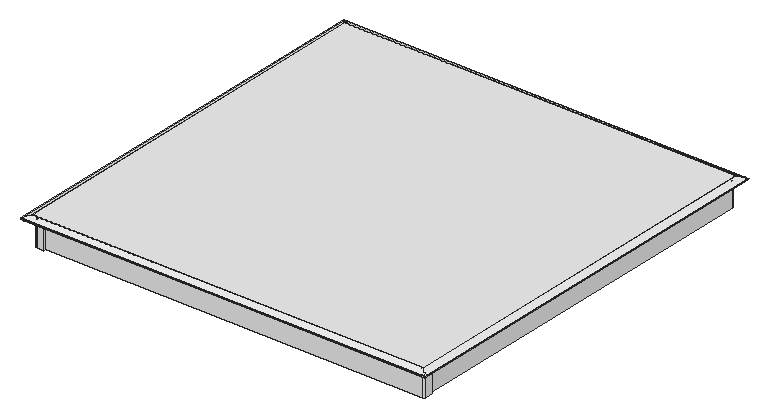
Revit family "Access_Door-Hidden_Flange-Best Access Doors-All_Surface_Types-BA-UHF", category Specialty Equipment, host Face, Revit 2017
Family settings
  Host = Face
  Round Connector Dimension = Use Diameter
  Part Type = Normal
  OmniClass Number = 23.30.10.27.17
  Cut with Voids When Loaded = No
  Shared = No
  Room Calculation Point = No
Parameters (values of type "Not a Type - Load Type Catalog")
  URL = "https://www.bestaccessdoors.com/"
  Product data url = "https://bimobject.com/best-access-doors/product/aesthetic-access-door-with-hidden-flange-drywall"
  Product Page URL = ""
  Product Documentation Link = ""
  Panel Swing [instance] = if(Door Open, 90.00°, 0.00°)  # 0.00°
  Neoprene Gasket Material = Neoprene - Best Access Doors -  Gasket
  Neoprene Gasket = no
  Model = "BA-UHF"  # constant formula
  Max Area = 6.25 SF  # constant formula
  Material = ""
  Manufacturer = "Best Access Doors"  # constant formula
  Frame Depth = 1 59/128"  # constant formula
  Finish = Metal - Best Access Doors - Powder Coated White
  Door Width Calc = if(Door Width < 8 1/4", 8 1/4", if(Door Width > Max Area / Door Height Calc, Max Area / Door Height Calc, Door Width))  # 24"
  Door Width = 24"
  Door Open [instance] = no
  Door Height Calc = if(Door Height < 8 1/4", 8 1/4", Door Height)  # 24"
  Door Height = 24"
  Description = "Aesthetic access door with hidden flange for all surface types"  # constant formula
  Default Elevation = 0"
  Cut Out Length [instance] = 2"
  Construction Material = Metal - Best Access Doors - Aluminum
  C Cut Out Length [instance] = if(Cut Out Length < Frame Depth, Frame Depth, Cut Out Length)  # 2"
  Available Options = ""
  Assembly Code = "C1020700"
  Actual Width = Door Width Calc  # 24"
  Actual Height = Door Height Calc  # 24"
  Actual Area = Door Width Calc * Door Height Calc  # 4.00 SF
Reference planes (in)
  plane 1 "Center (Front/Back)": y = 0
  plane 2 "Back": z = 0
  plane 3 "Center (Left/Right)": x = 0
  plane 4 "Left": x = -12
  plane 5 "Right": x = 12
  plane 6 "Top": y = 12
  plane 7 "Bottom": y = -12
  plane 8: z = 11.8125
  plane 9: z = -2
  plane 10: z = -1.46094
  plane 11: x = 11.42187
  plane 12: x = -11.42187
  plane 13: y = -11.42187
  plane 14: y = 11.42187
Forms (in)
  Extrusion 1, void
    sketch origin (0, 0, 0) x (1, 0, 0) y (0, 1, 0)
      loop
        line (-11.42187, 11.42187) -> (-11.42187, -11.42187) -> (11.42187, -11.42187) -> (11.42187, 11.42187) -> (-11.42187, 11.42187)
    from -2 to 0
Lines and regions (in)
  reference lines
    curve 1: line (-12, 0, 0) -> (1.75, 0, 0)
    curve 2: line (-12, 0, 0) -> (-12, 0, -2.5)
Dimensions and locks (in)
  "C Cut Out Length": plane 2 "Back" to plane 9
  "Frame Depth": level to plane 10
  equal spacing: plane 4 "Left", plane 3 "Center (Left/Right)", plane 5 "Right"
  equal spacing: plane 6 "Top", plane 1 "Center (Front/Back)", plane 7 "Bottom"
  "Door Width Calc": plane 4 "Left" to plane 5 "Right"
  "Door Height Calc": plane 6 "Top" to plane 7 "Bottom"
  locked: plane 6 "Top" to plane 14 at 0.57813
  locked: plane 4 "Left" to plane 12 at 0.57813
  locked: plane 11 to plane 5 "Right" at 0.57813
  locked: plane 7 "Bottom" to plane 13 at 0.57813
  "Panel Swing": angle level to curve 1
  locked: curve 2 to curve 1 (angle 90.00°)
  aligned and locked: plane 2 "Back" to host face
  aligned and locked: level to host face
  aligned and locked: plane 2 "Back" to Extrusion 1
  aligned and locked: Extrusion 1 to plane 9
  aligned and locked: plane 1 "Center (Front/Back)" to nested 1
  aligned and locked: plane 3 "Center (Left/Right)" to nested 1
  aligned and locked: curve 1 to nested 2
  aligned and locked: plane 1 "Center (Front/Back)" to nested 2
  aligned and locked: nested 2 to curve 2
  aligned and locked: Extrusion 1 sketch curve to plane 13
  aligned and locked: Extrusion 1 sketch curve to plane 12
  aligned and locked: Extrusion 1 sketch curve to plane 14
  aligned and locked: Extrusion 1 sketch curve to plane 11
Automatic sketch dimensions
  host sketch curve to host sketch curve = 96"  (x2)
  curve 2 to plane 4 "Left" = 0"
  curve 2 to level = 0"
Nested families (in)
  nested 1: "Frame" at (0, 0, 0), type "Frame"
    with Panel Width 22 27/32", Panel Height 22 27/32", Frame Width 24", Frame Height 24"
  nested 2: "CTR_Panel" at (-12, 0, 0), type "CTR_Panel"
Definition of nested family "Frame"
  Parameters
    Panel Width = Frame Width - 1 5/32"  # 24"
    Panel Height = Frame Height - 1 5/32"  # 24"
    Frame Width = 25 5/32"
    Frame Height = 25 5/32"
    Finish = none
    Assembly Code = ""
  Reference planes (in)
    plane 1 "Center (Front/Back)": y = 0
    plane 2: z = 0
    plane 3 "Center (Left/Right)": x = 0
    plane 4: y = 12.57812
    plane 5: y = -12.57813
    plane 6: x = -12.57812
    plane 7: x = 12.57813
    plane 8: y = 6.87512
    plane 9: y = -6.87512
    plane 10: y = 12.00012
    plane 11: y = -12.00012
  Forms (in)
    Extrusion 1, solid, material <- "Finish", detail levels fine
      sketch origin (0, 0, 0) x (1, 0, 0) y (0, 1, 0)
        loop
          line (-12.57812, 12.32812) -> (-12.57812, -12.32813)
          arc (-12.57812, -12.32813) -> (-12.5049, -12.5049) -> (-12.32813, -12.57813) r 0.25
          line (-12.32813, -12.57813) -> (12.32813, -12.57813)
          arc (12.32813, -12.57813) -> (12.5049, -12.5049) -> (12.57813, -12.32813) r 0.25
          line (12.57813, -12.32813) -> (12.57812, 12.32811)
          arc (12.57812, 12.32811) -> (12.5049, 12.5049) -> (12.32811, 12.57812) r 0.25002
          line (12.32811, 12.57812) -> (-12.32812, 12.57812)
          arc (-12.32812, 12.57812) -> (-12.5049, 12.5049) -> (-12.57812, 12.32812) r 0.25
        loop
          line (-12.09413, -12.09412) -> (12.09412, -12.09412) -> (12.09412, 12.09412) -> (-12.09413, 12.09412) -> (-12.09413, -12.09412)
      from 0 to 0.06201
    Sweep 2, solid, material <- "Finish", detail levels fine
      path in 3D
        loop
          line (-12.09413, 12.09412, 0.06201) -> (12.09412, 12.09412, 0.06201) -> (12.09412, -12.09412, 0.06201) -> (-12.09413, -12.09412, 0.06201) -> (-12.09413, 12.09412, 0.06201)
      profile origin (-12.09413, 0, 0.06201) x (-1, 0, 0) y (0, 0, 1)
        loop
          arc (0, 0) -> (-0.06647, -0.02753) -> (-0.09401, -0.09401) r 0.09401
          line (-0.09401, -0.09401) -> (-0.032, -0.09401)
          arc (-0.032, -0.09401) -> (-0.02263, -0.07138) -> (0, -0.06201) r 0.032
          line (0, -0.06201) -> (0, 0)
    Extrusion 3, solid, material <- "Finish", detail levels fine
      sketch origin (0, 0, 0) x (1, 0, 0) y (0, 1, 0)
        loop
          line (-12.1023, 11.50021) -> (-12.09412, 11.96867)
          arc (-12.09412, 11.96867) -> (-12.08455, 11.99094) -> (-12.06213, 12.00012) r 0.032
          line (-12.06213, 12.00012) -> (12.01612, 12.00012) -> (12.01612, 12.06212) -> (-12.06213, 12.06212)
          arc (-12.06213, 12.06212) -> (-12.12802, 12.03517) -> (-12.15612, 11.96976) r 0.09401
          line (-12.15612, 11.96976) -> (-12.1643, 11.50129) -> (-12.1023, 11.50021)
      from -0.032 to -1.45999
    Extrusion 4, solid, material <- "Finish", detail levels fine
      sketch origin (0, 0, 0) x (0, -1, 0) y (1, 0, 0)
        loop
          line (-12.1023, 11.50021) -> (-12.09412, 11.96867)
          arc (-12.09412, 11.96867) -> (-12.08455, 11.99094) -> (-12.06213, 12.00012) r 0.032
          line (-12.06213, 12.00012) -> (12.01612, 12.00012) -> (12.01612, 12.06212) -> (-12.06213, 12.06212)
          arc (-12.06213, 12.06212) -> (-12.12802, 12.03517) -> (-12.15612, 11.96976) r 0.09401
          line (-12.15612, 11.96976) -> (-12.1643, 11.50129) -> (-12.1023, 11.50021)
      from -0.032 to -1.45999
    Extrusion 5, solid, material <- "Finish", detail levels fine
      sketch origin (0, 0, 0) x (-1, 0, 0) y (0, -1, 0)
        loop
          line (-12.1023, 11.50021) -> (-12.09412, 11.96867)
          arc (-12.09412, 11.96867) -> (-12.08455, 11.99094) -> (-12.06213, 12.00012) r 0.032
          line (-12.06213, 12.00012) -> (12.01612, 12.00012) -> (12.01612, 12.06212) -> (-12.06213, 12.06212)
          arc (-12.06213, 12.06212) -> (-12.12802, 12.03517) -> (-12.15612, 11.96976) r 0.09401
          line (-12.15612, 11.96976) -> (-12.1643, 11.50129) -> (-12.1023, 11.50021)
      from -0.032 to -1.45999
    Extrusion 6, solid, material <- "Finish", detail levels fine
      sketch origin (0, 0, 0) x (0, 1, 0) y (-1, 0, 0)
        loop
          line (-12.1023, 11.50021) -> (-12.09412, 11.96867)
          arc (-12.09412, 11.96867) -> (-12.08455, 11.99094) -> (-12.06213, 12.00012) r 0.032
          line (-12.06213, 12.00012) -> (12.01612, 12.00012) -> (12.01612, 12.06212) -> (-12.06213, 12.06212)
          arc (-12.06213, 12.06212) -> (-12.12802, 12.03517) -> (-12.15612, 11.96976) r 0.09401
          line (-12.15612, 11.96976) -> (-12.1643, 11.50129) -> (-12.1023, 11.50021)
      from -0.032 to -1.45999
  Cuts and joins
    joined: Extrusion 1, Sweep 2
    joined: Extrusion 3, Extrusion 5, Extrusion 6
  Lines and regions (in)
    Masking region 1
      outline origin (0, 0, 0) x (1, 0, 0) y (0, 1, 0)
        loop
          line (12.32811, 12.57812) -> (-12.32812, 12.57812)
          arc (-12.32812, 12.57812) -> (-12.5049, 12.5049) -> (-12.57812, 12.32812) r 0.25
          line (-12.57812, 12.32812) -> (-12.57812, -12.32813)
          arc (-12.57812, -12.32813) -> (-12.5049, -12.5049) -> (-12.32813, -12.57813) r 0.25
          line (-12.32813, -12.57813) -> (12.32813, -12.57813)
          arc (12.32813, -12.57813) -> (12.5049, -12.5049) -> (12.57812, -12.32813) r 0.25
          line (12.57812, -12.32813) -> (12.57812, 12.32811)
          arc (12.57812, 12.32811) -> (12.5049, 12.5049) -> (12.32811, 12.57812) r 0.25002
        loop
          line (-12.00012, 12.00012) -> (-12.00012, -12.00012) -> (12.00012, -12.00012) -> (12.00012, 12.00012) -> (-12.00012, 12.00012)
    Masking region 2, detail levels coarse+medium
      outline origin (0, 0, 0) x (1, 0, 0) y (0, 0, 1)
        loop
          line (-12.57812, -1.45999) -> (12.57813, -1.45999) -> (12.57813, 0.06201) -> (-12.57812, 0.06201) -> (-12.57812, -1.45999)
    Masking region 3, detail levels fine
      outline origin (0, 0, 0) x (1, 0, 0) y (0, 0, 1)
        loop
          line (12.57813, 0.06201) -> (-12.57812, 0.06201) -> (-12.57812, 0) -> (-12.09413, 0)
          arc (-12.09413, 0) -> (-12.0715, -0.00937) -> (-12.06213, -0.032) r 0.032
          line (-12.06213, -0.032) -> (-12.06212, -1.45999) -> (12.06212, -1.45999) -> (12.06212, -0.032)
          arc (12.06212, -0.032) -> (12.0715, -0.00937) -> (12.09412, 0) r 0.032
          line (12.09412, 0) -> (12.57813, 0) -> (12.57813, 0.06201)
    sketch lines
      curve 1: line (-12.09413, -12.09412, 0.06201) -> (-12.09413, 12.09412, 0.06201)
      curve 2: line (-12.09413, 12.09412, 0.06201) -> (12.09412, 12.09412, 0.06201)
      curve 3: line (12.09412, 12.09412, 0.06201) -> (12.09412, -12.09412, 0.06201)
      curve 4: line (12.09412, -12.09412, 0.06201) -> (-12.09413, -12.09412, 0.06201)
    symbolic lines, detail levels fine
      curve 5: line (-12.00573, 0, 0) -> (12.00573, 0, 0)
      curve 6: arc (-12.00012, 0, -0.032) -> (-12.02765, 0, 0.03447) -> (-12.09413, 0, 0.06201) r 0.09401
      curve 7: line (-12.00012, 0, -1.45999) -> (-12.00012, 0, -0.032)
      curve 8: arc (12.00012, 0, -0.03247) -> (12.02748, 0, 0.03431) -> (12.09412, 0, 0.06201) r 0.09401
      curve 9: line (12.00012, 0, -0.03247) -> (12.00012, 0, -1.45999)
  Dimensions and locks (in)
    equal spacing: plane 6, plane 3 "Center (Left/Right)", plane 7
    equal spacing: plane 4, plane 1 "Center (Front/Back)", plane 5
    "Frame Width": plane 6 to plane 7
    "Frame Height": plane 4 to plane 5
    locked: plane 10 to plane 4 at 0.57801
    locked: plane 11 to plane 5 at 0.57801
    plane 8 to plane 10 = 5 1/8"
    plane 9 to plane 11 = 5 1/8"
    aligned and locked: plane 2 to level
    aligned and locked: Masking region 1 sketch curve to cut or joined group of Extrusion 1, Sweep 2  (x4)
    aligned and locked: cut or joined group of Extrusion 1, Sweep 2 to Masking region 2 sketch curve
    aligned and locked: Masking region 2 sketch curve to plane 6
    aligned and locked: Masking region 2 sketch curve to plane 7
    aligned and locked: Masking region 2 sketch curve to cut or joined group of Extrusion 3, Extrusion 5, Extrusion 6
    aligned and locked: Masking region 3 sketch curve to cut or joined group of Extrusion 1, Sweep 2  (x3)
    aligned and locked: Masking region 3 sketch curve to plane 6
    aligned and locked: Masking region 3 sketch curve to plane 7
    aligned and locked: cut or joined group of Extrusion 3, Extrusion 5, Extrusion 6 to Masking region 3 sketch curve
    aligned and locked: Masking region 3 sketch curve to cut or joined group of Extrusion 3, Extrusion 5, Extrusion 6
    aligned and locked: cut or joined group of Extrusion 1, Sweep 2 to curve 5
    aligned and locked: curve 6 to cut or joined group of Extrusion 1, Sweep 2
    aligned and locked: curve 7 to cut or joined group of Extrusion 3, Extrusion 5, Extrusion 6
    aligned and locked: curve 8 to cut or joined group of Extrusion 1, Sweep 2
  Automatic sketch dimensions
    curve 9 to level = 0.03247"
    curve 6 to curve 6 = 0"
    curve 8 to curve 8 = 0"
    curve 9 to curve 8 = 1.42752"
    curve 7 to curve 6 = 1.42799"
    curve 7 to level = 0.032"
    curve 6 to curve 7 = 0"
    Extrusion 1 sketch curve to plane 6 = 0"
    plane 5 to Extrusion 1 sketch curve = 0"
    Extrusion 1 sketch curve to plane 4 = 0"
    Extrusion 1 sketch curve to plane 7 = 0"
    Extrusion 1 sketch curve to plane 5 = 1/4"
    plane 6 to Extrusion 1 sketch curve = 1/4"  (x2)
    Extrusion 1 sketch curve to plane 11 = 0.09401"
    Extrusion 1 sketch curve to Extrusion 1 sketch curve = 0.234"
    Extrusion 1 sketch curve to plane 10 = 0.09401"
    plane 7 to Extrusion 1 sketch curve = 0.484"
    plane 7 to Extrusion 1 sketch curve = 1/4"
    Sweep 2 sketch curve to profile plane = 0"  (x2)
    profile plane to Sweep 2 sketch curve = 0.032"
    Sweep 2 sketch curve to Sweep 2 sketch curve = 0.06201"
    profile plane to Sweep 2 sketch curve = 0"  (x2)
    Sweep 2 sketch curve to Sweep 2 sketch curve = 0.032"
    Sweep 2 sketch curve to Sweep 2 sketch curve = 0"
    plane 6 to Extrusion 3 sketch curve = 0.41383"
    plane 10 to Extrusion 3 sketch curve = 0.49991"
    plane 10 to Extrusion 3 sketch curve = 0.03036"
    plane 6 to Extrusion 3 sketch curve = 0.42201"
    Extrusion 3 sketch curve to Extrusion 3 sketch curve = 0.062"  (x2)
    plane 10 to Extrusion 3 sketch curve = 0.03144"
    Extrusion 3 sketch curve to plane 10 = 0.06201"
    Extrusion 3 sketch curve to Extrusion 3 sketch curve = 0.03199"
    Extrusion 3 sketch curve to plane 10 = 0"  (x2)
    Extrusion 3 sketch curve to Extrusion 3 sketch curve = 0"  (x2)
    plane 7 to Extrusion 3 sketch curve = 0.562"
    Extrusion 3 sketch curve to Extrusion 3 sketch curve = 0.00108"
    Extrusion 4 sketch curve to plane 10 = 0.16418"
    Extrusion 4 sketch curve to plane 10 = 0.10218"
    plane 7 to Extrusion 4 sketch curve = 1.07792"
    Extrusion 4 sketch curve to plane 10 = 0.156"
    Extrusion 4 sketch curve to Extrusion 4 sketch curve = 0.062"
    Extrusion 4 sketch curve to plane 10 = 0.06201"
    Extrusion 4 sketch curve to Extrusion 4 sketch curve = 0"  (x2)
    Extrusion 4 sketch curve to plane 11 = 0.01601"
    Extrusion 4 sketch curve to Extrusion 4 sketch curve = 0.00108"  (x2)
    Extrusion 4 sketch curve to Extrusion 4 sketch curve = 0.46847"
    Extrusion 4 sketch curve to Extrusion 4 sketch curve = 0.03144"
    plane 7 to Extrusion 4 sketch curve = 0.57801"
    Extrusion 4 sketch curve to Extrusion 4 sketch curve = 0.06201"
    plane 7 to Extrusion 5 sketch curve = 0.41383"
    plane 11 to Extrusion 5 sketch curve = 0.49991"
    plane 11 to Extrusion 5 sketch curve = 0.03036"
    plane 7 to Extrusion 5 sketch curve = 0.42201"
    Extrusion 5 sketch curve to Extrusion 5 sketch curve = 0.062"  (x2)
    plane 11 to Extrusion 5 sketch curve = 0.03144"
    Extrusion 5 sketch curve to plane 11 = 0.06201"
    Extrusion 5 sketch curve to Extrusion 5 sketch curve = 0.03199"
    Extrusion 5 sketch curve to plane 11 = 0"  (x2)
    Extrusion 5 sketch curve to Extrusion 5 sketch curve = 0"  (x2)
    plane 6 to Extrusion 5 sketch curve = 0.562"
    Extrusion 5 sketch curve to Extrusion 5 sketch curve = 0.00108"
    Extrusion 6 sketch curve to plane 11 = 0.16418"
    Extrusion 6 sketch curve to plane 11 = 0.10218"
    plane 6 to Extrusion 6 sketch curve = 1.07792"
    Extrusion 6 sketch curve to plane 11 = 0.156"
    Extrusion 6 sketch curve to Extrusion 6 sketch curve = 0.062"
    Extrusion 6 sketch curve to plane 11 = 0.06201"
    Extrusion 6 sketch curve to Extrusion 6 sketch curve = 0"  (x2)
    Extrusion 6 sketch curve to plane 10 = 0.01601"
    Extrusion 6 sketch curve to Extrusion 6 sketch curve = 0.00108"  (x2)
    Extrusion 6 sketch curve to Extrusion 6 sketch curve = 0.46847"
    Extrusion 6 sketch curve to Extrusion 6 sketch curve = 0.03144"
    plane 6 to Extrusion 6 sketch curve = 0.57801"
    Extrusion 6 sketch curve to Extrusion 6 sketch curve = 0.06201"
    Masking region 1 sketch curve to plane 10 = 0"  (x2)
    plane 6 to Masking region 1 sketch curve = 0.57801"
    Masking region 1 sketch curve to plane 11 = 0"  (x2)
    Masking region 1 sketch curve to Masking region 1 sketch curve = 0.32801"  (x2)
    Masking region 1 sketch curve to Masking region 1 sketch curve = 0.32799"
    plane 7 to Masking region 3 sketch curve = 0.516"
    Masking region 3 sketch curve to level = 0.032"  (x2)
    Masking region 3 sketch curve to Masking region 3 sketch curve = 0"  (x2)
Definition of nested family "CTR_Panel"
  Parameters
    Panel Width = 24"
    Panel Height = 24"
    Lock Configuration Offset = if(Panel Height < 30", 5 1/8", if(Panel Height < 36", 6 1/2", 8 9/16"))  # 5 1/8"
    Lock 4 = not(Panel Height < 30")  # no
    Lock 3 = if(Panel Width > 16", 1 = 1, 1 = 0)  # yes
    Lock 2 = if(not(Panel Height < 24"), 1 = 1, 1 = 0)  # yes
    Lock 1 = if(Panel Height < 24", 1 = 1, 1 = 0)  # no
    Finish = none
    Default Elevation = 48"
    Assembly Code = ""
  Reference planes (in)
    plane 1 "Center (Front/Back)": y = 0
    plane 2: z = 0
    plane 3 "Center (Left/Right)": x = 0
    plane 4: x = 24
    plane 5: y = 12
    plane 6: y = -12
    plane 7: y = 6.875
    plane 8: y = -6.875
    plane 9: x = 21.97689
    plane 10: x = 12
    plane 11: x = 2.02311
    plane 12: y = 9.969
    plane 13: y = -9.969
  Forms (in)
    Sweep 1, solid, material <- "Finish", detail levels fine
      path origin (6.90603, 0, 0) x (1, 0, 0) y (0, 1, 0)
        loop
          line (-6.90603, -12) -> (17.09397, -12) -> (17.09397, 12) -> (-6.90603, 12) -> (-6.90603, -12)
      profile origin (0, 0, 0) x (-1, 0, 0) y (0, 0, 1)
        loop
          line (-0.02378, 0) -> (0, 0.05727) -> (-0.37173, 0.21165)
          arc (-0.37173, 0.21165) -> (-0.3865, 0.21632) -> (-0.40186, 0.21837) r 0.08913
          line (-0.40186, 0.21837) -> (-0.40186, 0.15636) -> (-0.02378, 0)
    Extrusion 2, solid, material <- "Finish", detail levels fine
      sketch origin (6.90603, 0, 0) x (1, 0, 0) y (0, 1, 0)
        loop
          line (-6.50416, 11.59814) -> (-6.50416, -11.59814) -> (16.69211, -11.59814) -> (16.69211, 11.59814) -> (-6.50416, 11.59814)
      from 0.15636 to 0.21837
    Extrusion 3, solid, material <- "Finish", detail levels coarse+medium
      sketch origin (0, 0, 0) x (1, 0, 0) y (0, 1, 0)
        loop
          line (0, 12) -> (0, -12) -> (24, -12) -> (24, 12) -> (0, 12)
      from 0 to 0.21837
  Cuts and joins
    joined: Sweep 1, Extrusion 2
  Lines and regions (in)
    Masking region 1
      outline origin (0, 0, 0) x (1, 0, 0) y (0, 1, 0)
        loop
          line (0, 12) -> (0, -12) -> (24, -12) -> (24, 12) -> (0, 12)
    Masking region 2, detail levels fine
      outline origin (0, 0, 0) x (1, 0, 0) y (0, 0, 1)
        loop
          line (0.38792, 0.21837) -> (0, 0.05727) -> (0.02378, 0) -> (23.97622, 0) -> (24, 0.05727) -> (23.61208, 0.21837) -> (0.38792, 0.21837)
    symbolic lines, detail levels fine
      curve 1: line (0.40186, 11.59814, 0) -> (23.59814, 11.59814, 0)
      curve 2: line (0.40186, -11.59814, 0) -> (0.40186, 11.59814, 0)
      curve 3: line (23.59814, -11.59814, 0) -> (0.40186, -11.59814, 0)
      curve 4: line (23.59814, 11.59814, 0) -> (23.59814, -11.59814, 0)
      curve 5: line (0, 12, 0) -> (0.40186, 11.59814, 0)
      curve 6: line (23.59814, 11.59814, 0) -> (24, 12, 0)
      curve 7: line (23.59814, -11.59814, 0) -> (24, -12, 0)
      curve 8: line (0.40186, -11.59814, 0) -> (0, -12, 0)
    symbolic lines
      curve 9: line (0, 0, 0.05727) -> (24, 0, 0.05727)
  Dimensions and locks (in)
    "Panel Width": plane 3 "Center (Left/Right)" to plane 4
    equal spacing: plane 5, plane 1 "Center (Front/Back)", plane 6
    "Panel Height": plane 5 to plane 6
    "Lock Configuration Offset": plane 5 to plane 7
    "Lock Configuration Offset": plane 8 to plane 6
    locked: plane 9 to plane 4 at 2.02311
    locked: plane 3 "Center (Left/Right)" to plane 11 at 2.02311
    equal spacing: plane 3 "Center (Left/Right)", plane 10, plane 4
    locked: plane 5 to plane 12 at 2.031
    locked: plane 6 to plane 13 at 2.031
    aligned and locked: plane 2 to level
    aligned and locked: Extrusion 2 sketch curve to Sweep 1  (x4)
    aligned and locked: Extrusion 2 to Sweep 1  (x2)
    aligned and locked: plane 4 to Sweep 1
    aligned and locked: Sweep 1 sketch curve to plane 5
    aligned and locked: plane 4 to Sweep 1 sketch curve
    aligned and locked: plane 6 to Sweep 1 sketch curve
    aligned and locked: plane 3 "Center (Left/Right)" to Sweep 1 sketch curve
    aligned and locked: plane 8 to nested 3
    aligned and locked: nested 2 to plane 7
    aligned and locked: nested 6 to plane 1 "Center (Front/Back)"
    aligned and locked: plane 9 to nested 3
    aligned and locked: plane 9 to nested 1
    aligned and locked: plane 9 to nested 2
    aligned and locked: plane 10 to nested 5
    aligned and locked: plane 10 to nested 4
    aligned and locked: nested 6 to plane 11
    aligned and locked: plane 4 to Extrusion 3 sketch curve
    aligned and locked: Extrusion 3 sketch curve to plane 5
    aligned and locked: plane 3 "Center (Left/Right)" to Extrusion 3 sketch curve
    aligned and locked: plane 6 to Extrusion 3 sketch curve
    aligned and locked: Masking region 1 sketch curve to plane 5
    aligned and locked: plane 6 to Masking region 1 sketch curve
    aligned and locked: plane 3 "Center (Left/Right)" to Masking region 1 sketch curve
    aligned and locked: plane 4 to Masking region 1 sketch curve
    aligned and locked: curve 1 to cut or joined group of Sweep 1, Extrusion 2
    aligned and locked: curve 2 to cut or joined group of Sweep 1, Extrusion 2
    aligned and locked: curve 3 to cut or joined group of Sweep 1, Extrusion 2
    aligned and locked: curve 4 to cut or joined group of Sweep 1, Extrusion 2
    aligned and locked: curve 5 to cut or joined group of Sweep 1, Extrusion 2
    aligned and locked: curve 6 to cut or joined group of Sweep 1, Extrusion 2
    aligned and locked: curve 7 to cut or joined group of Sweep 1, Extrusion 2
    aligned and locked: curve 8 to cut or joined group of Sweep 1, Extrusion 2
    aligned and locked: Extrusion 3 to level
    aligned and locked: Masking region 2 sketch curve to cut or joined group of Sweep 1, Extrusion 2  (x5)
    aligned and locked: Masking region 2 sketch curve to level
    aligned and locked: nested 5 to plane 12
    aligned and locked: plane 13 to nested 4
  Automatic sketch dimensions
    Sweep 1 sketch curve to profile plane = 0"  (x2)
    profile plane to Sweep 1 sketch curve = 0.02378"
    profile plane to Sweep 1 sketch curve = 0.37173"
    Sweep 1 sketch curve to Sweep 1 sketch curve = 0.03014"
    Sweep 1 sketch curve to Sweep 1 sketch curve = 0.00405"
    profile plane to Sweep 1 sketch curve = 0.05727"
    Sweep 1 sketch curve to Sweep 1 sketch curve = 0.08231"
    Sweep 1 sketch curve to Sweep 1 sketch curve = 0.02702"
    curve 5 to plane 3 "Center (Left/Right)" = 0"
    curve 6 to plane 4 = 0"
    curve 7 to plane 4 = 0"
    curve 8 to plane 3 "Center (Left/Right)" = 0"
    curve 9 to plane 3 "Center (Left/Right)" = 0"
    plane 4 to curve 9 = 0"
    level to curve 9 = 0.05727"
  Nested families (in)
    nested 1: "3d-Lock" at (21.97689, 0, 0.21837) x (-1, 0, 0) z (0, 0, -1), visible <- "Lock 1", type "3d-Lock"
    nested 2: "3d-Lock" at (21.97689, 6.875, 0.21837) x (-1, 0, 0) z (0, 0, -1), visible <- "Lock 2", type "3d-Lock"
    nested 3: "3d-Lock" at (21.97689, -6.875, 0.21837) x (-1, 0, 0) z (0, 0, -1), visible <- "Lock 2", type "3d-Lock"
    nested 4: "3d-Lock" at (12, -9.969, 0.21837) x (-1, 0, 0) z (0, 0, -1), visible <- "Lock 3", type "3d-Lock"
    nested 5: "3d-Lock" at (12, 9.969, 0.21837) x (-1, 0, 0) z (0, 0, -1), visible <- "Lock 3", type "3d-Lock"
    nested 6: "3d-Lock" at (2.02311, 0, 0.21837) x (1, 0, 0) z (0, 0, -1), visible <- "Lock 4", type "3d-Lock"
  Definition of nested family "3d-Lock"
    Parameters
      Default Elevation = 48"
      Assembly Code = ""
    Reference planes (in)
      plane 1 "Center (Front/Back)": y = 0
      plane 2 "Bottom": z = 0
      plane 3 "Center (Left/Right)": x = 0
      plane 4 "Top": z = 1
    Lines and regions (in)
      Masking region 1, detail levels fine
        outline origin (0, 0, 1) x (-1, 0, 0) y (0, -1, 0)
          loop
            circle (0, 0) r 0.242
      model lines, detail levels fine
        curve 1: circle (0, 0, 0) r 0.242 normal (0, 0, -1)
        curve 2: circle (0, 0, 0) r 0.18005 normal (0, 0, -1)
        curve 3: line (0.02717, -0.1188, 0) -> (-0.10122, 0.06801, 0)
        curve 4: arc (-0.10122, 0.06801, 0) -> (-0.08091, 0.12671, 0) -> (-0.01884, 0.12462, 0) r 0.0523
        curve 5: line (-0.01884, 0.12462, 0) -> (0.10963, -0.06214, 0)
        curve 6: arc (0.10963, -0.06214, 0) -> (0.08906, -0.12053, 0) -> (0.02717, -0.1188, 0) r 0.05254
      symbolic lines, detail levels fine
        curve 7: circle (0, 0, 1) r 0.18005 normal (0, 0, -1)
        curve 8: line (-0.01884, 0.12462, 1) -> (0.10963, -0.06214, 1)
        curve 9: arc (0.10963, -0.06214, 1) -> (0.08906, -0.12053, 1) -> (0.02717, -0.1188, 1) r 0.05254
        curve 10: line (0.02717, -0.1188, 1) -> (-0.10122, 0.06801, 1)
        curve 11: arc (-0.10122, 0.06801, 1) -> (-0.08091, 0.12671, 1) -> (-0.01884, 0.12462, 1) r 0.0523
    Dimensions and locks (in)
      aligned and locked: plane 2 "Bottom" to level
